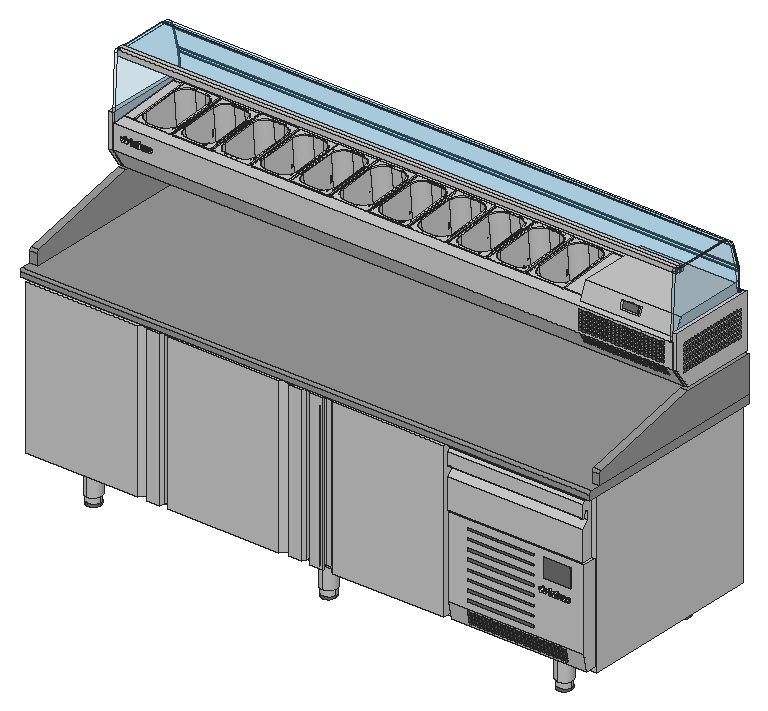
Revit family "QF_INFRICO_MP2300_VIP2300B14_G_250813011618", category Specialty Equipment, Revit 2021
Family settings
  Round Connector Dimension = Use Diameter
  Part Type = Normal
  OmniClass Number = 23.40.40.14
  OmniClass Title = Food Service Equipment
  Work Plane-Based = No
  Always vertical = Yes
  Cut with Voids When Loaded = No
  Shared = No
  Room Calculation Point = No
Parameters (values of type "MP2300-R290")
  Weight [instance] = 0.00 kg
  Waste Water Discharge Temperature [instance] = 0 °C
  Waste Remarks [instance] = ""
  Warranty Start Date [instance] = ""
  Warranty Duration [instance] = ""
  Volts_VIP2300B14_G [instance] = 230 V
  Volts [instance] = 230 V
  Volt Free Conn_VIP2300B14_G [instance] = yes
  Volt Free Conn [instance] = no
  URL Recommended Spares List [instance] = ""
  URL Manufacturer [instance] = ""
  URL Cutsheet [instance] = ""
  URL Critical Spares List [instance] = ""
  URL = "www.infrico.com"
  Technical Documentation [instance] = ""
  Tag Number [instance] = ""
  Status [instance] = ""
  Start Up Current_VIP2300B14_G [instance] = 0 A
  Start Up Current [instance] = 0 A
  Specification by User [instance] = ""
  Specification by Manufacturer [instance] = ""
  Sound Level [instance] = ""
  Show Logo [instance] = yes
  Show Clearances [instance] = yes
  Service Life Duration [instance] = ""
  Serial Number [instance] = ""
  Seismic Rating [instance] = ""
  SMACNA No [instance] = ""
  Revision Code [instance] = ""
  Revision [instance] = ""
  Production Year [instance] = ""
  Potential Equalisation_VIP2300B14_G [instance] = yes
  Potential Equalisation [instance] = no
  Point Load [instance] = 0
  Plumbing Connection Type [instance] = ""
  Phase_VIP2300B14_G [instance] = 1
  Phase [instance] = 1
  Other Equipment Approvals [instance] = ""
  Operational Current_VIP2300B14_G [instance] = 0 A
  Operational Current [instance] = 0 A
  Number of Poles_VIP2300B14_G [instance] = 2
  Number of Poles [instance] = 2
  No Load Power Draw_VIP2300B14_G [instance] = yes
  No Load Power Draw [instance] = no
  NAFEM Spec ID Number [instance] = ""
  Model Warning [instance] = ""
  Model = "MP2300"
  Min Ckt Ampacity_VIP2300B14_G [instance] = 0 A
  Min Ckt Ampacity [instance] = 0 A
  Max Overcurrent Protection_VIP2300B14_G [instance] = 0 A
  Max Overcurrent Protection [instance] = 0 A
  Masterspec [instance] = ""
  Manufacturer = "INFRICO"
  Main switch integrated_VIP2300B14_G [instance] = yes
  Main switch integrated [instance] = no
  Length Actual [instance] = 2305.05 mm
  Item Number [instance] = ""
  Installed By [instance] = ""
  Installation Date [instance] = ""
  Indirect Waste Size [instance] = 19.05 mm
  Indirect Waste Remarks [instance] = ""
  Indirect Waste Flow [instance] = 0.0 L/s
  Indirect Waste Connection Type [instance] = ""
  Indirect Waste Connection Height [instance] = 0 mm
  Identify Quantity as Lot [instance] = no
  ID [instance] = ""
  Hygiene Approval [instance] = ""
  Height Actual [instance] = 979.932 mm
  HP power_VIP2300B14_G [instance] = ""
  HP power [instance] = ""
  Furnished By [instance] = ""
  Foodservice Equipment Identifier [instance] = no
  FL Amps_VIP2300B14_G [instance] = 0 A
  FL Amps [instance] = 0 A
  Electrical Remarks_VIP2300B14_G [instance] = ""
  Electrical Remarks [instance] = ""
  Electric power_VIP2300B14_G [instance] = 120 W
  Electric power [instance] = 550 W
  Electric Connection Type_VIP2300B14_G [instance] = ""
  Electric Connection Type [instance] = ""
  Elec Conn RI Height_VIP2300B14_G [instance] = 0 mm
  Elec Conn RI Height [instance] = 0 mm
  Elec Conn Connection Height_VIP2300B14_G [instance] = 0 mm
  Elec Conn Connection Height [instance] = 0 mm
  ETL Approved [instance] = no
  Direct Waste Water Discharge Temperature [instance] = -273.15 °C
  Direct Waste Size [instance] = 19.05 mm
  Direct Waste RI Height [instance] = 0 mm
  Direct Waste Flow [instance] = 0.0 L/s
  Direct Waste Connection Height [instance] = 0 mm
  Description = "PIZZA PREP TABLE 800 SERIES - R290"
  Depth Actual [instance] = 800.1 mm
  Default Elevation = 0 mm
  Cycle_VIP2300B14_G [instance] = 50 Hz
  Cycle [instance] = 50 Hz
  Cost = 0
  Connection to energy optimisation system_VIP2300B14_G [instance] = yes
  Connection to energy optimisation system [instance] = yes
  Conn Plug_VIP2300B14_G [instance] = ""
  Conn Plug [instance] = ""
  Conn Conduit_VIP2300B14_G [instance] = yes
  Conn Conduit [instance] = no
  Centralized building control system with digital interface_VIP2300B14_G [instance] = ""
  Centralized building control system with digital interface [instance] = ""
  CSI MasterFormat [instance] = ""
  CE Approved [instance] = no
  Barcode [instance] = 0
  Author [instance] = ""
  Asset Identifier [instance] = ""
  Apparent Power_VIP2300B14_G [instance] = 120 VA
  Apparent Power [instance] = 550 VA
  Accessory [instance] = no
Reference planes
  plane 1 "Center (Front/Back)": y = 0
  plane 2: z = 0
  plane 3 "Center (Left/Right)": x = 0
Forms (mm)
  Extrusion 1, solid, not visible
    sketch origin (1605.078, -350.017, 142.007) x (1, 0, 0) y (0, 1, 0)
      loop
        line (-2, 2) -> (-2, -2) -> (2, -2) -> (2, 2) -> (-2, 2)
    from -2 to 2
  Extrusion 2, solid, not visible
    sketch origin (2208.108, -73.004, 142.007) x (1, 0, 0) y (0, 1, 0)
      loop
        line (-2, 2) -> (-2, -2) -> (2, -2) -> (2, 2) -> (-2, 2)
    from -2 to 2
  Extrusion 3, solid, not visible
    sketch origin (62.003, -2, 1080.053) x (1, 0, 0) y (0, 1, 0)
      loop
        line (-2, 2) -> (-2, -2) -> (2, -2) -> (2, 2) -> (-2, 2)
    from -2 to 2
Dimensions and locks
  locked: nested 2 to Extrusion 1 at 2  (x2)
  locked: nested 3 to Extrusion 2 at 2  (x2)
  locked: Extrusion 3 to nested 8
  locked: nested 8 to Extrusion 3 at 2
  aligned and locked: level to plane 2
Nested families
  nested 1: "QF_INFRICO_MP2300_2920" at (0, 0, 140), type "MP2300-R290"
    with Weight 0.00 kg, Warranty Start Date "", Warranty Duration "", URL Cutsheet "", Technical Documentation "", Tag Number "", Status "", Specification by User "", Specification by Manufacturer "", Sound Level "", Solid Fuel Type "", Show Logo yes, Show Clearances yes, Show Clearance yes, Service Life Duration "", Serial Number "", Seismic Rating "", SMACNA No "", Revision Code "", Revision "", Production Year "", Point Load 0, Other Equipment Approvals "", NAFEM Spec ID Number "", Model Warning "", Masterspec "", Length Actual 2305.05 mm, Item Number "", Installed By "", Installation Date "", Identify Quantity as Lot yes, ID "", Hygiene Approval "", Height Actual 979.932 mm, Furnished By "", Foodservice Equipment Identifier yes, ETL Approved yes, Depth Actual 800.1 mm, CSI MasterFormat "", CE Approved no, Barcode "", Author "", Asset Identifier "", Accessory no
  nested 2: "CONN_POINT_DRAIN_2D___Generic_Annotation" at (1605.078, -350.017, 140.007), type "CONN_POINT_DRAIN_2D___Generic_Annotation"
    with Onboard connection annotation symbol visibility yes
  nested 3: "CONN_POINT_ELE_2D___Generic_Annotation" at (2208.108, -73.004, 140.007), type "CONN_POINT_ELE_2D___Generic_Annotation"
    with Onboard connection annotation symbol visibility yes
  nested 4: "QF_INFRICO_MP_DOOR_SX_4886" at (22, -738, 168), type "MP_DOOR_SX"
    with Weight 0.00 kg, Warranty Start Date "", Warranty Duration "", URL Cutsheet "", Technical Documentation "", Tag Number "", Status "", Specification by User "", Specification by Manufacturer "", Sound Level "", Solid Fuel Type "", Show Logo yes, Show Clearances yes, Show Clearance yes, Service Life Duration "", Serial Number "", Seismic Rating "", SMACNA No "", Revision Code "", Revision "", Production Year "", Point Load 0, Other Equipment Approvals "", NAFEM Spec ID Number "", Model Warning "", Masterspec "", Length Actual 547.116 mm, Item Number "", Installed By "", Installation Date "", Identify Quantity as Lot yes, ID "", Hygiene Approval "", Height Actual 620.014 mm, Furnished By "", Foodservice Equipment Identifier yes, ETL Approved yes, Depth Actual 59.944 mm, CSI MasterFormat "", CE Approved no, Barcode "", Author "", Asset Identifier "", Accessory yes
  nested 5: "QF_INFRICO_MP_DOOR_SX_5664" at (594, -738, 168), type "MP_DOOR_SX"
    with Weight 0.00 kg, Warranty Start Date "", Warranty Duration "", URL Cutsheet "", Technical Documentation "", Tag Number "", Status "", Specification by User "", Specification by Manufacturer "", Sound Level "", Solid Fuel Type "", Show Logo yes, Show Clearances yes, Show Clearance yes, Service Life Duration "", Serial Number "", Seismic Rating "", SMACNA No "", Revision Code "", Revision "", Production Year "", Point Load 0, Other Equipment Approvals "", NAFEM Spec ID Number "", Model Warning "", Masterspec "", Length Actual 547.116 mm, Item Number "", Installed By "", Installation Date "", Identify Quantity as Lot yes, ID "", Hygiene Approval "", Height Actual 620.014 mm, Furnished By "", Foodservice Equipment Identifier yes, ETL Approved yes, Depth Actual 59.944 mm, CSI MasterFormat "", CE Approved no, Barcode "", Author "", Asset Identifier "", Accessory yes
  nested 6: "QF_INFRICO_MP_DOOR_DX_6438" at (1166, -738, 168), type "MP_DOOR_DX"
    with Weight 0.00 kg, Warranty Start Date "", Warranty Duration "", URL Cutsheet "", Technical Documentation "", Tag Number "", Status "", Specification by User "", Specification by Manufacturer "", Sound Level "", Solid Fuel Type "", Show Logo yes, Show Clearances yes, Show Clearance yes, Service Life Duration "", Serial Number "", Seismic Rating "", SMACNA No "", Revision Code "", Revision "", Production Year "", Point Load 0, Other Equipment Approvals "", NAFEM Spec ID Number "", Model Warning "", Masterspec "", Length Actual 547.116 mm, Item Number "", Installed By "", Installation Date "", Identify Quantity as Lot yes, ID "", Hygiene Approval "", Height Actual 620.014 mm, Furnished By "", Foodservice Equipment Identifier yes, ETL Approved yes, Depth Actual 59.944 mm, CSI MasterFormat "", CE Approved no, Barcode "", Author "", Asset Identifier "", Accessory yes
  nested 7: "QF_INFRICO_VIP2300B14_G_7212" at (0, 0, 980), type "VIP2300B14_G"
    with Weight 0.00 kg, Warranty Start Date "", Warranty Duration "", URL Cutsheet "", Technical Documentation "", Tag Number "", Status "", Specification by User "", Specification by Manufacturer "", Sound Level "", Solid Fuel Type "", Show Logo yes, Show Clearances yes, Show Clearance yes, Service Life Duration "", Serial Number "", Seismic Rating "", SMACNA No "", Revision Code "", Revision "", Production Year "", Point Load 0, Other Equipment Approvals "", NAFEM Spec ID Number "", Model Warning "", Masterspec "", Length Actual 2299.97 mm, Item Number "", Installed By "", Installation Date "", Identify Quantity as Lot yes, ID "", Hygiene Approval "", Height Actual 450.088 mm, Furnished By "", Foodservice Equipment Identifier yes, ETL Approved yes, Depth Actual 353.06 mm, CSI MasterFormat "", CE Approved no, Barcode "", Author "", Asset Identifier "", Accessory yes
  nested 8: "CONN_POINT_ELE_2D___Generic_Annotation" at (62.003, 0, 1080.053), type "CONN_POINT_ELE_2D___Generic_Annotation"
    with Onboard connection annotation symbol visibility yes
  nested 9: "QF_INFRICO_LEGS_10730" at (0, 0, 0), type "LEGS_2300_800"
    with Weight 0.00 kg, Warranty Start Date "", Warranty Duration "", URL Cutsheet "", Technical Documentation "", Tag Number "", Status "", Specification by User "", Specification by Manufacturer "", Sound Level "", Solid Fuel Type "", Show Logo yes, Show Clearances yes, Show Clearance yes, Service Life Duration "", Serial Number "", Seismic Rating "", SMACNA No "", Revision Code "", Revision "", Production Year "", Point Load 0, Other Equipment Approvals "", NAFEM Spec ID Number "", Model Warning "", Masterspec "", Length Actual 2305.05 mm, Item Number "", Installed By "", Installation Date "", Identify Quantity as Lot yes, ID "", Hygiene Approval "", Height Actual 139.954 mm, Furnished By "", Foodservice Equipment Identifier yes, ETL Approved yes, Depth Actual 800.1 mm, CSI MasterFormat "", CE Approved no, Barcode "", Author "", Asset Identifier "", Accessory yes
Connectors
  piping at (1605.078, -350.017, 140.007), diameter 19.05, driven by "Indirect Waste Size", driven by "Direct Waste Flow"
    settings: on Extrusion 1, index 1, connector inside diameter 609.6 mm, connector length 0 mm, flow factor 0, pipe flow 0.0 L/s, pressure drop 0.0 Pa, fitting loss kfactor 0, connector angle 0.00°, fixture units 0, engagement length 0 mm, angle of deflection 0.00°, flow configuration 1, flow direction 2, fitting loss method 0, system type 16, joint type 0, gender type 0, connector reference index -1, connector utility 0, adjustable connector no, is connector primary yes, connector description "Waste connection for MP2300"
  electrical at (2208.108, -73.004, 140.007), driven by "Apparent Power", driven by "Number of Poles", driven by "Volts"
    settings: on Extrusion 2, index 2, voltage 230 V, apparent load 0 VA, apparent load phase1 550 VA, apparent load phase2 0 VA, apparent load phase3 0 VA, power factor 1, load classification "Other", number of poles 2, system type 31, power factor state 1, is connector primary yes, connector utility no, sub classification motor no, connector description "Electrical connection for MP2300"
  electrical at (62.003, 0, 1080.053), driven by "Apparent Power_VIP2300B14_G", driven by "Number of Poles_VIP2300B14_G", driven by "Volts_VIP2300B14_G"
    settings: on Extrusion 3, index 3, voltage 230 V, apparent load 0 VA, apparent load phase1 120 VA, apparent load phase2 0 VA, apparent load phase3 0 VA, power factor 1, load classification "Other", number of poles 2, system type 31, power factor state 1, is connector primary no, connector utility no, sub classification motor no, connector description "Electrical connection for VIP2300B14_G"
Definition of nested family "QF_INFRICO_MP2300_2920"
  Parameters (values of type "MP2300")
    Weight [instance] = 0.00 kg
    Warranty Start Date [instance] = ""
    Warranty Duration [instance] = ""
    URL Cutsheet [instance] = ""
    URL = "www.infrico.com"
    Technical Documentation [instance] = ""
    Tag Number [instance] = ""
    Status [instance] = ""
    Specification by User [instance] = ""
    Specification by Manufacturer [instance] = ""
    Sound Level [instance] = ""
    Solid Fuel Type [instance] = ""
    Show Logo [instance] = yes
    Show Clearances [instance] = yes
    Show Clearance [instance] = yes
    Service Life Duration [instance] = ""
    Serial Number [instance] = ""
    Seismic Rating [instance] = ""
    SMACNA No [instance] = ""
    Revision Code [instance] = ""
    Revision [instance] = ""
    Production Year [instance] = ""
    Point Load [instance] = 0
    Other Equipment Approvals [instance] = ""
    NAFEM Spec ID Number [instance] = ""
    Model Warning [instance] = ""
    Model = "MP2300"
    Masterspec [instance] = ""
    Manufacturer = "INFRICO"
    Length Actual [instance] = 0 mm
    Item Number [instance] = ""
    Installed By [instance] = ""
    Installation Date [instance] = ""
    Identify Quantity as Lot [instance] = yes
    ID [instance] = ""
    Hygiene Approval [instance] = ""
    Height Actual [instance] = 0 mm
    Furnished By [instance] = ""
    Foodservice Equipment Identifier [instance] = yes
    ETL Approved [instance] = yes
    Description = "PIZZA PREP TABLE 800 SERIES - R134A"
    Depth Actual [instance] = 0 mm
    Default Elevation = 0 mm
    CSI MasterFormat [instance] = ""
    CE Approved [instance] = yes
    Barcode [instance] = ""
    Author [instance] = ""
    Asset Identifier [instance] = ""
    Assembly Code = "E1090320"
    Accessory [instance] = yes
  Types (4, lengths in mm): name | Model | Description
    MP2300 | "MP2300" | "PIZZA PREP TABLE 800 SERIES - R134A"
    MP2300-R290 | "MP2300" | "PIZZA PREP TABLE 800 SERIES - R290"
    MP2300CN | "MP2300CN" | "PIZZA PREP TABLE 800 SERIES - R134A"
    MP2300CN-R290 | "MP2300CN" | "PIZZA PREP TABLE 800 SERIES - R290"
  Reference planes
    plane 1 "Back": y = 0
    plane 2: z = 0
    plane 3 "Left": x = 0
    plane 4 "Right": x = 2305
    plane 5 "Front": y = -800
    plane 6 "Top": z = 690
  Forms (mm)
    Extrusion 1, solid
      sketch origin (0, -945.468, 0) x (1, 0, 0) y (0, 0, 1)
        loop
          line (23.98, 660) -> (23.98, 0) -> (2281, 0) -> (2281, 660) -> (23.98, 660)
      from -945.468 to -207.468
    Extrusion 2, solid
      sketch origin (0, -945.468, -0.92) x (0, 1, 0) y (0, 0, 1)
        loop
          line (945.468, 690.92) -> (155.468, 690.92)
          arc (155.468, 690.92) -> (148.397, 687.991) -> (145.468, 680.92) r 10
          line (145.468, 680.92) -> (145.468, 660.92) -> (945.468, 660.92) -> (945.468, 690.92)
      from 0 to 2305
    Extrusion 3, solid
      sketch origin (0, -945.468, 0) x (0, 1, 0) y (0, 0, 1)
        loop
          line (195.468, 732.805) -> (195.468, 690) -> (945.468, 690) -> (945.468, 840) -> (641.286, 840) -> (203.296, 742.567)
          arc (203.296, 742.567) -> (197.666, 739.062) -> (195.468, 732.805) r 10
      from 0 to 30
    Extrusion 4, solid
      sketch origin (2275, -945.468, 0) x (0, 1, 0) y (0, 0, 1)
        loop
          line (195.468, 732.805) -> (195.468, 690) -> (945.468, 690) -> (945.468, 840) -> (641.286, 840) -> (203.296, 742.567)
          arc (203.296, 742.567) -> (197.666, 739.062) -> (195.468, 732.805) r 10
      from 0 to 30
    Extrusion 5, solid
      sketch origin (0, -945.448, 0) x (0, 1, 0) y (0, 0, 1)
        loop
          line (207.448, 659.31) -> (159.638, 659.31) -> (159.638, 646.31) -> (207.448, 646.31) -> (207.448, 659.31)
      from 25.595 to 2279.615
    Extrusion 6, solid
      sketch origin (0, -945.468, 0) x (0, 1, 0) y (0, 0, 1)
        loop
          line (915.468, 690) -> (945.468, 690) -> (945.468, 840) -> (915.468, 840) -> (915.468, 690)
      from 30 to 2275
    Extrusion 7, solid
      sketch origin (-1433.4, -1943.425, 0) x (0, 1, 0) y (0, 0, 1)
        loop
          line (1165.522, 19.5) -> (1205.425, 19.5) -> (1205.425, 411.638) -> (1150.415, 411.638) -> (1150.415, 85.028) -> (1165.522, 19.5)
      from 3160.42 to 3707.42
    Extrusion 8, solid
      sketch origin (-1433, -1943.425, 0) x (0, 1, 0) y (0, 0, 1)
        loop
          line (1150.415, 385.1) -> (1148.415, 385.1) -> (1148.415, 310.1) -> (1150.415, 310.1) -> (1150.415, 385.1)
      from 3545.892 to 3655.892
    Extrusion 9, solid
      sketch origin (-3239.998, -791.13, -529.942) x (1, 0, 0) y (0, 0, 1)
        loop
          line (5309.954, 912.391) -> (5043.954, 912.391) -> (5043.954, 903.391) -> (5309.954, 903.391) -> (5309.954, 912.391)
        loop
          line (5309.954, 875.391) -> (5043.954, 875.391) -> (5043.954, 866.391) -> (5309.954, 866.391) -> (5309.954, 875.391)
        loop
          line (5309.954, 838.391) -> (5043.954, 838.391) -> (5043.954, 829.391) -> (5309.954, 829.391) -> (5309.954, 838.391)
        loop
          line (5309.954, 801.391) -> (5043.954, 801.391) -> (5043.954, 792.391) -> (5309.954, 792.391) -> (5309.954, 801.391)
        loop
          line (5309.954, 764.391) -> (5043.954, 764.391) -> (5043.954, 755.391) -> (5309.954, 755.391) -> (5309.954, 764.391)
        loop
          line (5309.954, 727.391) -> (5043.954, 727.391) -> (5043.954, 718.391) -> (5309.954, 718.391) -> (5309.954, 727.391)
        loop
          line (5309.954, 690.391) -> (5043.954, 690.391) -> (5043.954, 681.391) -> (5309.954, 681.391) -> (5309.954, 690.391)
        loop
          line (5309.954, 653.391) -> (5043.954, 653.391) -> (5043.954, 644.391) -> (5309.954, 644.391) -> (5309.954, 653.391)
      from 0 to 2
    Extrusion 10, solid
      sketch origin (-1234.775, -737.704, -146.289) x (1, 0, 0) y (0, -0.224951, 0.97437)
        loop
          line (3036.73, 230.769) -> (3036.73, 220.769) -> (3046.73, 220.769) -> (3046.73, 230.769) -> (3036.73, 230.769)
        loop
          line (3052.23, 230.769) -> (3052.23, 220.769) -> (3062.23, 220.769) -> (3062.23, 230.769) -> (3052.23, 230.769)
        loop
          line (3067.73, 230.769) -> (3067.73, 220.769) -> (3077.73, 220.769) -> (3077.73, 230.769) -> (3067.73, 230.769)
        loop
          line (3083.23, 230.769) -> (3083.23, 220.769) -> (3093.23, 220.769) -> (3093.23, 230.769) -> (3083.23, 230.769)
        loop
          line (3098.73, 230.769) -> (3098.73, 220.769) -> (3108.73, 220.769) -> (3108.73, 230.769) -> (3098.73, 230.769)
        loop
          line (3114.23, 230.769) -> (3114.23, 220.769) -> (3124.23, 220.769) -> (3124.23, 230.769) -> (3114.23, 230.769)
        loop
          line (3129.73, 230.769) -> (3129.73, 220.769) -> (3139.73, 220.769) -> (3139.73, 230.769) -> (3129.73, 230.769)
        loop
          line (3145.23, 230.769) -> (3145.23, 220.769) -> (3155.23, 220.769) -> (3155.23, 230.769) -> (3145.23, 230.769)
        loop
          line (3160.73, 230.769) -> (3160.73, 220.769) -> (3170.73, 220.769) -> (3170.73, 230.769) -> (3160.73, 230.769)
        loop
          line (3176.23, 230.769) -> (3176.23, 220.769) -> (3186.23, 220.769) -> (3186.23, 230.769) -> (3176.23, 230.769)
        loop
          line (3191.73, 230.769) -> (3191.73, 220.769) -> (3201.73, 220.769) -> (3201.73, 230.769) -> (3191.73, 230.769)
        loop
          line (3207.23, 230.769) -> (3207.23, 220.769) -> (3217.23, 220.769) -> (3217.23, 230.769) -> (3207.23, 230.769)
        loop
          line (3222.73, 230.769) -> (3222.73, 220.769) -> (3232.73, 220.769) -> (3232.73, 230.769) -> (3222.73, 230.769)
        loop
          line (3238.23, 230.769) -> (3238.23, 220.769) -> (3248.23, 220.769) -> (3248.23, 230.769) -> (3238.23, 230.769)
        loop
          line (3253.73, 230.769) -> (3253.73, 220.769) -> (3263.73, 220.769) -> (3263.73, 230.769) -> (3253.73, 230.769)
        loop
          line (3269.23, 230.769) -> (3269.23, 220.769) -> (3279.23, 220.769) -> (3279.23, 230.769) -> (3269.23, 230.769)
        loop
          line (3284.73, 230.769) -> (3284.73, 220.769) -> (3294.73, 220.769) -> (3294.73, 230.769) -> (3284.73, 230.769)
        loop
          line (3300.23, 230.769) -> (3300.23, 220.769) -> (3310.23, 220.769) -> (3310.23, 230.769) -> (3300.23, 230.769)
        loop
          line (3315.73, 230.769) -> (3315.73, 220.769) -> (3325.73, 220.769) -> (3325.73, 230.769) -> (3315.73, 230.769)
        loop
          line (3331.23, 230.769) -> (3331.23, 220.769) -> (3341.23, 220.769) -> (3341.23, 230.769) -> (3331.23, 230.769)
        loop
          line (3346.73, 230.769) -> (3346.73, 220.769) -> (3356.73, 220.769) -> (3356.73, 230.769) -> (3346.73, 230.769)
        loop
          line (3362.23, 230.769) -> (3362.23, 220.769) -> (3372.23, 220.769) -> (3372.23, 230.769) -> (3362.23, 230.769)
        loop
          line (3377.73, 230.769) -> (3377.73, 220.769) -> (3387.73, 220.769) -> (3387.73, 230.769) -> (3377.73, 230.769)
        loop
          line (3393.23, 230.769) -> (3393.23, 220.769) -> (3403.23, 220.769) -> (3403.23, 230.769) -> (3393.23, 230.769)
        loop
          line (3408.73, 230.769) -> (3408.73, 220.769) -> (3418.73, 220.769) -> (3418.73, 230.769) -> (3408.73, 230.769)
        loop
          line (3424.23, 230.769) -> (3424.23, 220.769) -> (3434.23, 220.769) -> (3434.23, 230.769) -> (3424.23, 230.769)
        loop
          line (3036.73, 216.769) -> (3036.73, 206.769) -> (3046.73, 206.769) -> (3046.73, 216.769) -> (3036.73, 216.769)
        loop
          line (3052.23, 216.769) -> (3052.23, 206.769) -> (3062.23, 206.769) -> (3062.23, 216.769) -> (3052.23, 216.769)
        loop
          line (3067.73, 216.769) -> (3067.73, 206.769) -> (3077.73, 206.769) -> (3077.73, 216.769) -> (3067.73, 216.769)
        loop
          line (3083.23, 216.769) -> (3083.23, 206.769) -> (3093.23, 206.769) -> (3093.23, 216.769) -> (3083.23, 216.769)
        loop
          line (3098.73, 216.769) -> (3098.73, 206.769) -> (3108.73, 206.769) -> (3108.73, 216.769) -> (3098.73, 216.769)
        loop
          line (3114.23, 216.769) -> (3114.23, 206.769) -> (3124.23, 206.769) -> (3124.23, 216.769) -> (3114.23, 216.769)
        loop
          line (3129.73, 216.769) -> (3129.73, 206.769) -> (3139.73, 206.769) -> (3139.73, 216.769) -> (3129.73, 216.769)
        loop
          line (3145.23, 216.769) -> (3145.23, 206.769) -> (3155.23, 206.769) -> (3155.23, 216.769) -> (3145.23, 216.769)
        loop
          line (3160.73, 216.769) -> (3160.73, 206.769) -> (3170.73, 206.769) -> (3170.73, 216.769) -> (3160.73, 216.769)
        loop
          line (3176.23, 216.769) -> (3176.23, 206.769) -> (3186.23, 206.769) -> (3186.23, 216.769) -> (3176.23, 216.769)
        loop
          line (3191.73, 216.769) -> (3191.73, 206.769) -> (3201.73, 206.769) -> (3201.73, 216.769) -> (3191.73, 216.769)
        loop
          line (3207.23, 216.769) -> (3207.23, 206.769) -> (3217.23, 206.769) -> (3217.23, 216.769) -> (3207.23, 216.769)
        loop
          line (3222.73, 216.769) -> (3222.73, 206.769) -> (3232.73, 206.769) -> (3232.73, 216.769) -> (3222.73, 216.769)
        loop
          line (3238.23, 216.769) -> (3238.23, 206.769) -> (3248.23, 206.769) -> (3248.23, 216.769) -> (3238.23, 216.769)
        loop
          line (3253.73, 216.769) -> (3253.73, 206.769) -> (3263.73, 206.769) -> (3263.73, 216.769) -> (3253.73, 216.769)
        loop
          line (3269.23, 216.769) -> (3269.23, 206.769) -> (3279.23, 206.769) -> (3279.23, 216.769) -> (3269.23, 216.769)
        loop
          line (3284.73, 216.769) -> (3284.73, 206.769) -> (3294.73, 206.769) -> (3294.73, 216.769) -> (3284.73, 216.769)
        loop
          line (3300.23, 216.769) -> (3300.23, 206.769) -> (3310.23, 206.769) -> (3310.23, 216.769) -> (3300.23, 216.769)
        loop
          line (3315.73, 216.769) -> (3315.73, 206.769) -> (3325.73, 206.769) -> (3325.73, 216.769) -> (3315.73, 216.769)
        loop
          line (3331.23, 216.769) -> (3331.23, 206.769) -> (3341.23, 206.769) -> (3341.23, 216.769) -> (3331.23, 216.769)
        loop
          line (3346.73, 216.769) -> (3346.73, 206.769) -> (3356.73, 206.769) -> (3356.73, 216.769) -> (3346.73, 216.769)
        loop
          line (3362.23, 216.769) -> (3362.23, 206.769) -> (3372.23, 206.769) -> (3372.23, 216.769) -> (3362.23, 216.769)
        loop
          line (3377.73, 216.769) -> (3377.73, 206.769) -> (3387.73, 206.769) -> (3387.73, 216.769) -> (3377.73, 216.769)
        loop
          line (3393.23, 216.769) -> (3393.23, 206.769) -> (3403.23, 206.769) -> (3403.23, 216.769) -> (3393.23, 216.769)
        loop
          line (3408.73, 216.769) -> (3408.73, 206.769) -> (3418.73, 206.769) -> (3418.73, 216.769) -> (3408.73, 216.769)
        loop
          line (3424.23, 216.769) -> (3424.23, 206.769) -> (3434.23, 206.769) -> (3434.23, 216.769) -> (3424.23, 216.769)
        loop
          line (3036.73, 202.769) -> (3036.73, 192.769) -> (3046.73, 192.769) -> (3046.73, 202.769) -> (3036.73, 202.769)
        loop
          line (3052.23, 202.769) -> (3052.23, 192.769) -> (3062.23, 192.769) -> (3062.23, 202.769) -> (3052.23, 202.769)
        loop
          line (3067.73, 202.769) -> (3067.73, 192.769) -> (3077.73, 192.769) -> (3077.73, 202.769) -> (3067.73, 202.769)
        loop
          line (3083.23, 202.769) -> (3083.23, 192.769) -> (3093.23, 192.769) -> (3093.23, 202.769) -> (3083.23, 202.769)
        loop
          line (3098.73, 202.769) -> (3098.73, 192.769) -> (3108.73, 192.769) -> (3108.73, 202.769) -> (3098.73, 202.769)
        loop
          line (3114.23, 202.769) -> (3114.23, 192.769) -> (3124.23, 192.769) -> (3124.23, 202.769) -> (3114.23, 202.769)
        loop
          line (3129.73, 202.769) -> (3129.73, 192.769) -> (3139.73, 192.769) -> (3139.73, 202.769) -> (3129.73, 202.769)
        loop
          line (3145.23, 202.769) -> (3145.23, 192.769) -> (3155.23, 192.769) -> (3155.23, 202.769) -> (3145.23, 202.769)
        loop
          line (3160.73, 202.769) -> (3160.73, 192.769) -> (3170.73, 192.769) -> (3170.73, 202.769) -> (3160.73, 202.769)
        loop
          line (3176.23, 202.769) -> (3176.23, 192.769) -> (3186.23, 192.769) -> (3186.23, 202.769) -> (3176.23, 202.769)
        loop
          line (3191.73, 202.769) -> (3191.73, 192.769) -> (3201.73, 192.769) -> (3201.73, 202.769) -> (3191.73, 202.769)
        loop
          line (3207.23, 202.769) -> (3207.23, 192.769) -> (3217.23, 192.769) -> (3217.23, 202.769) -> (3207.23, 202.769)
        loop
          line (3222.73, 202.769) -> (3222.73, 192.769) -> (3232.73, 192.769) -> (3232.73, 202.769) -> (3222.73, 202.769)
        loop
          line (3238.23, 202.769) -> (3238.23, 192.769) -> (3248.23, 192.769) -> (3248.23, 202.769) -> (3238.23, 202.769)
        loop
          line (3253.73, 202.769) -> (3253.73, 192.769) -> (3263.73, 192.769) -> (3263.73, 202.769) -> (3253.73, 202.769)
        loop
          line (3269.23, 202.769) -> (3269.23, 192.769) -> (3279.23, 192.769) -> (3279.23, 202.769) -> (3269.23, 202.769)
        loop
          line (3284.73, 202.769) -> (3284.73, 192.769) -> (3294.73, 192.769) -> (3294.73, 202.769) -> (3284.73, 202.769)
        loop
          line (3300.23, 202.769) -> (3300.23, 192.769) -> (3310.23, 192.769) -> (3310.23, 202.769) -> (3300.23, 202.769)
        loop
          line (3315.73, 202.769) -> (3315.73, 192.769) -> (3325.73, 192.769) -> (3325.73, 202.769) -> (3315.73, 202.769)
        loop
          line (3331.23, 202.769) -> (3331.23, 192.769) -> (3341.23, 192.769) -> (3341.23, 202.769) -> (3331.23, 202.769)
        loop
          line (3346.73, 202.769) -> (3346.73, 192.769) -> (3356.73, 192.769) -> (3356.73, 202.769) -> (3346.73, 202.769)
        loop
          line (3362.23, 202.769) -> (3362.23, 192.769) -> (3372.23, 192.769) -> (3372.23, 202.769) -> (3362.23, 202.769)
        loop
          line (3377.73, 202.769) -> (3377.73, 192.769) -> (3387.73, 192.769) -> (3387.73, 202.769) -> (3377.73, 202.769)
        loop
          line (3393.23, 202.769) -> (3393.23, 192.769) -> (3403.23, 192.769) -> (3403.23, 202.769) -> (3393.23, 202.769)
        loop
          line (3408.73, 202.769) -> (3408.73, 192.769) -> (3418.73, 192.769) -> (3418.73, 202.769) -> (3408.73, 202.769)
        loop
          line (3424.23, 202.769) -> (3424.23, 192.769) -> (3434.23, 192.769) -> (3434.23, 202.769) -> (3424.23, 202.769)
        loop
          line (3036.73, 188.769) -> (3036.73, 178.769) -> (3046.73, 178.769) -> (3046.73, 188.769) -> (3036.73, 188.769)
        loop
          line (3052.23, 188.769) -> (3052.23, 178.769) -> (3062.23, 178.769) -> (3062.23, 188.769) -> (3052.23, 188.769)
        loop
          line (3067.73, 188.769) -> (3067.73, 178.769) -> (3077.73, 178.769) -> (3077.73, 188.769) -> (3067.73, 188.769)
        loop
          line (3083.23, 188.769) -> (3083.23, 178.769) -> (3093.23, 178.769) -> (3093.23, 188.769) -> (3083.23, 188.769)
        loop
          line (3098.73, 188.769) -> (3098.73, 178.769) -> (3108.73, 178.769) -> (3108.73, 188.769) -> (3098.73, 188.769)
        loop
          line (3114.23, 188.769) -> (3114.23, 178.769) -> (3124.23, 178.769) -> (3124.23, 188.769) -> (3114.23, 188.769)
        loop
          line (3129.73, 188.769) -> (3129.73, 178.769) -> (3139.73, 178.769) -> (3139.73, 188.769) -> (3129.73, 188.769)
        loop
          line (3145.23, 188.769) -> (3145.23, 178.769) -> (3155.23, 178.769) -> (3155.23, 188.769) -> (3145.23, 188.769)
        loop
          line (3160.73, 188.769) -> (3160.73, 178.769) -> (3170.73, 178.769) -> (3170.73, 188.769) -> (3160.73, 188.769)
        loop
          line (3176.23, 188.769) -> (3176.23, 178.769) -> (3186.23, 178.769) -> (3186.23, 188.769) -> (3176.23, 188.769)
        loop
          line (3191.73, 188.769) -> (3191.73, 178.769) -> (3201.73, 178.769) -> (3201.73, 188.769) -> (3191.73, 188.769)
        loop
          line (3207.23, 188.769) -> (3207.23, 178.769) -> (3217.23, 178.769) -> (3217.23, 188.769) -> (3207.23, 188.769)
        loop
          line (3222.73, 188.769) -> (3222.73, 178.769) -> (3232.73, 178.769) -> (3232.73, 188.769) -> (3222.73, 188.769)
        loop
          line (3238.23, 188.769) -> (3238.23, 178.769) -> (3248.23, 178.769) -> (3248.23, 188.769) -> (3238.23, 188.769)
        loop
          line (3253.73, 188.769) -> (3253.73, 178.769) -> (3263.73, 178.769) -> (3263.73, 188.769) -> (3253.73, 188.769)
        loop
          line (3269.23, 188.769) -> (3269.23, 178.769) -> (3279.23, 178.769) -> (3279.23, 188.769) -> (3269.23, 188.769)
        loop
          line (3284.73, 188.769) -> (3284.73, 178.769) -> (3294.73, 178.769) -> (3294.73, 188.769) -> (3284.73, 188.769)
        loop
          line (3300.23, 188.769) -> (3300.23, 178.769) -> (3310.23, 178.769) -> (3310.23, 188.769) -> (3300.23, 188.769)
        loop
          line (3315.73, 188.769) -> (3315.73, 178.769) -> (3325.73, 178.769) -> (3325.73, 188.769) -> (3315.73, 188.769)
        loop
          line (3331.23, 188.769) -> (3331.23, 178.769) -> (3341.23, 178.769) -> (3341.23, 188.769) -> (3331.23, 188.769)
        loop
          line (3346.73, 188.769) -> (3346.73, 178.769) -> (3356.73, 178.769) -> (3356.73, 188.769) -> (3346.73, 188.769)
        loop
          line (3362.23, 188.769) -> (3362.23, 178.769) -> (3372.23, 178.769) -> (3372.23, 188.769) -> (3362.23, 188.769)
        loop
          line (3377.73, 188.769) -> (3377.73, 178.769) -> (3387.73, 178.769) -> (3387.73, 188.769) -> (3377.73, 188.769)
        loop
          line (3393.23, 188.769) -> (3393.23, 178.769) -> (3403.23, 178.769) -> (3403.23, 188.769) -> (3393.23, 188.769)
        loop
          line (3408.73, 188.769) -> (3408.73, 178.769) -> (3418.73, 178.769) -> (3418.73, 188.769) -> (3408.73, 188.769)
        loop
          line (3424.23, 188.769) -> (3424.23, 178.769) -> (3434.23, 178.769) -> (3434.23, 188.769) -> (3424.23, 188.769)
      from 0 to 2
    Extrusion 11, solid
      sketch origin (-1433.4, -2000, 0) x (0, 1, 0) y (0, 0, 1)
        loop
          line (1203.152, 630.936) -> (1203.152, 580.536)
          arc (1203.152, 580.536) -> (1204.842, 578.739) -> (1206.738, 580.317) r 1.8
          line (1206.738, 580.317) -> (1210.228, 608.736) -> (1214.927, 608.736) -> (1229.152, 594.511) -> (1229.152, 566.127) -> (1203.342, 540.317) -> (1203.342, 423.215) -> (1241.352, 423.215) -> (1241.352, 640.936) -> (1213.152, 640.936) -> (1203.152, 630.936)
      from 3160.4 to 3707.42
    Extrusion 12, solid
      sketch origin (567, 0, 0) x (1, 0, 0) y (0, 0, 1)
        loop
          line (1175, 625.936) -> (1175, 438.215) -> (1692.02, 438.215) -> (1692.02, 625.936) -> (1175, 625.936)
        loop
          line (1677.02, 610.936) -> (1190, 610.936) -> (1190, 453.215) -> (1677.02, 453.215) -> (1677.02, 610.936)
      from 738 to 758.648
    Extrusion 13, solid
      sketch origin (567, 0, -10) x (1, 0, 0) y (0, 1, 0)
        loop
          circle (1641, -73) r 12.7
      from 0 to 10
    Extrusion 14, solid
      sketch origin (0, 0, 0) x (1, 0, 0) y (0, 1, 0)
        loop
          circle (1605, -350) r 9.525
      from -10 to 0
    Extrusion 15, solid, visible <- "Show Logo"
      sketch origin (930.28, -793.01, -442.104) x (1, 0, 0) y (0, 0, 1)
        loop
          line (1208.799, 696.53) -> (1208.799, 719.204) -> (1204.173, 719.204) -> (1204.173, 696.53) -> (1208.799, 696.53)
        loop
          line (1214.779, 713.006) -> (1211.283, 713.006) -> (1211.283, 696.53) -> (1215.772, 696.53) -> (1215.772, 707.832)
          arc (1215.772, 707.832) -> (1217.528, 708.741) -> (1219.417, 709.324) r 11.052
          arc (1219.417, 709.324) -> (1220.929, 708.961) -> (1221.598, 707.557) r 1.806
          line (1221.598, 707.557) -> (1221.598, 696.53) -> (1226.121, 696.53) -> (1226.121, 708.689)
          arc (1226.121, 708.689) -> (1224.637, 712.075) -> (1221.141, 713.281) r 4.607
          arc (1221.141, 713.281) -> (1218.282, 712.674) -> (1215.669, 711.361) r 11.435
          line (1215.669, 711.361) -> (1215.601, 712.184)
          arc (1215.601, 712.184) -> (1215.36, 712.765) -> (1214.779, 713.006) r 0.822
        loop
          line (1238.557, 720.102) -> (1237.306, 720.102)
          arc (1237.306, 720.102) -> (1235.052, 719.926) -> (1232.881, 719.297) r 11.103
          arc (1232.881, 719.297) -> (1230.805, 717.616) -> (1230.024, 715.062) r 4.567
          line (1230.024, 715.062) -> (1230.024, 712.909) -> (1227.351, 712.703) -> (1227.351, 709.374) -> (1230.024, 709.374) -> (1230.024, 696.53) -> (1234.547, 696.53) -> (1234.547, 709.374) -> (1238.249, 709.374) -> (1238.249, 712.938) -> (1234.547, 712.938) -> (1234.547, 714.548)
          arc (1234.547, 714.548) -> (1234.956, 715.705) -> (1236.045, 716.271) r 1.67
          line (1236.045, 716.271) -> (1237.7, 716.399)
          arc (1237.7, 716.399) -> (1238.306, 716.65) -> (1238.557, 717.255) r 0.857
          line (1238.557, 717.255) -> (1238.557, 720.102)
        loop
          line (1239.479, 713.006) -> (1239.479, 696.53) -> (1243.968, 696.53) -> (1243.968, 707.352)
          arc (1243.968, 707.352) -> (1245.873, 708.631) -> (1248.077, 709.268) r 7.435
          line (1248.077, 709.268) -> (1249.241, 709.416)
          arc (1249.241, 709.416) -> (1249.643, 709.758) -> (1249.793, 710.265) r 0.928
          line (1249.793, 710.265) -> (1249.793, 712.458)
          arc (1249.793, 712.458) -> (1249.531, 713.061) -> (1248.912, 713.28) r 0.824
          arc (1248.912, 713.28) -> (1246.197, 712.588) -> (1243.899, 710.984) r 7.833
          line (1243.899, 710.984) -> (1243.726, 713.006) -> (1239.479, 713.006)
        loop
          line (1255.495, 696.53) -> (1255.495, 713.006) -> (1251.006, 713.006) -> (1251.006, 696.53) -> (1255.495, 696.53)
        loop
          arc (1257.421, 701.327) -> (1258.567, 698.188) -> (1261.466, 696.525) r 4.873
          arc (1261.466, 696.525) -> (1264.493, 696.266) -> (1267.521, 696.525) r 17.816
          arc (1267.521, 696.525) -> (1270.575, 699.134) -> (1271.505, 703.041) r 6.481
          line (1271.505, 703.041) -> (1267.187, 703.041) -> (1267.187, 701.67)
          arc (1267.187, 701.67) -> (1266.64, 700.452) -> (1265.442, 699.865) r 1.965
          arc (1265.442, 699.865) -> (1264.547, 699.816) -> (1263.653, 699.865) r 8.196
          arc (1263.653, 699.865) -> (1262.417, 700.415) -> (1261.91, 701.67) r 1.806
          line (1261.91, 701.67) -> (1261.91, 707.9)
          arc (1261.91, 707.9) -> (1262.417, 709.155) -> (1263.653, 709.705) r 1.806
          arc (1263.653, 709.705) -> (1264.547, 709.754) -> (1265.442, 709.705) r 8.196
          arc (1265.442, 709.705) -> (1266.64, 709.118) -> (1267.187, 707.9) r 1.965
          line (1267.187, 707.9) -> (1267.187, 706.838) -> (1271.505, 706.838)
          arc (1271.505, 706.838) -> (1270.524, 710.556) -> (1267.521, 712.959) r 6.132
          arc (1267.521, 712.959) -> (1264.493, 713.294) -> (1261.466, 712.959) r 13.851
          arc (1261.466, 712.959) -> (1258.571, 711.349) -> (1257.421, 708.243) r 4.772
          line (1257.421, 708.243) -> (1257.421, 701.327)
        loop
          arc (1272.916, 701.329) -> (1273.993, 698.345) -> (1276.726, 696.734) r 4.676
          arc (1276.726, 696.734) -> (1278.515, 696.455) -> (1280.318, 696.291) r 28.371
          arc (1280.318, 696.291) -> (1282.122, 696.455) -> (1283.911, 696.734) r 28.371
          arc (1283.911, 696.734) -> (1286.644, 698.345) -> (1287.72, 701.329) r 4.676
          line (1287.72, 701.329) -> (1287.72, 708.242)
          arc (1287.72, 708.242) -> (1286.644, 711.226) -> (1283.911, 712.837) r 4.676
          arc (1283.911, 712.837) -> (1282.122, 713.116) -> (1280.318, 713.28) r 28.371
          arc (1280.318, 713.28) -> (1278.515, 713.116) -> (1276.726, 712.837) r 28.371
          arc (1276.726, 712.837) -> (1273.993, 711.226) -> (1272.916, 708.242) r 4.676
          line (1272.916, 708.242) -> (1272.916, 701.329)
        loop
          line (1277.405, 707.866) -> (1277.405, 701.705)
          arc (1277.405, 701.705) -> (1277.844, 700.556) -> (1278.936, 699.991) r 1.725
          arc (1278.936, 699.991) -> (1279.627, 699.918) -> (1280.318, 699.856) r 46.133
          arc (1280.318, 699.856) -> (1281.01, 699.918) -> (1281.701, 699.991) r 46.133
          arc (1281.701, 699.991) -> (1282.793, 700.556) -> (1283.231, 701.705) r 1.725
          line (1283.231, 701.705) -> (1283.231, 707.866)
          arc (1283.231, 707.866) -> (1282.793, 709.015) -> (1281.701, 709.58) r 1.725
          arc (1281.701, 709.58) -> (1281.01, 709.653) -> (1280.318, 709.716) r 46.133
          arc (1280.318, 709.716) -> (1279.627, 709.653) -> (1278.936, 709.58) r 46.133
          arc (1278.936, 709.58) -> (1277.844, 709.015) -> (1277.405, 707.866) r 1.725
        loop
          arc (1190.339, 696.543) -> (1191.411, 696.987) -> (1191.856, 698.059) r 1.516
          line (1191.856, 698.059) -> (1191.856, 703.891) -> (1196.035, 703.891)
          arc (1196.035, 703.891) -> (1196.79, 704.121) -> (1197.218, 704.782) r 1.147
          line (1197.218, 704.782) -> (1197.218, 706.211)
          arc (1197.218, 706.211) -> (1196.787, 707.258) -> (1195.719, 707.634) r 1.385
          line (1195.719, 707.634) -> (1194.52, 707.634) -> (1197.218, 710.332)
          arc (1197.218, 710.332) -> (1197.605, 711.266) -> (1197.218, 712.2) r 1.321
          line (1197.218, 712.2) -> (1196.495, 712.923)
          arc (1196.495, 712.923) -> (1195.54, 713.338) -> (1194.558, 712.991) r 1.422
          line (1194.558, 712.991) -> (1191.853, 710.286) -> (1191.853, 711.479)
          arc (1191.853, 711.479) -> (1191.443, 712.516) -> (1190.435, 712.992) r 1.516
          line (1190.435, 712.992) -> (1189.514, 712.992)
          arc (1189.514, 712.992) -> (1188.511, 712.514) -> (1188.103, 711.479) r 1.516
          line (1188.103, 711.479) -> (1188.103, 706.83) -> (1182.073, 701.336) -> (1182.073, 707.509) -> (1185.639, 711.075)
          arc (1185.639, 711.075) -> (1186.053, 712.073) -> (1185.639, 713.071) r 1.412
          line (1185.639, 713.071) -> (1184.987, 713.723)
          arc (1184.987, 713.723) -> (1183.939, 714.141) -> (1182.915, 713.667) r 1.428
          line (1182.915, 713.667) -> (1182.073, 712.825) -> (1182.073, 717.784)
          arc (1182.073, 717.784) -> (1181.658, 718.787) -> (1180.655, 719.203) r 1.418
          line (1180.655, 719.203) -> (1179.726, 719.203)
          arc (1179.726, 719.203) -> (1178.723, 718.787) -> (1178.308, 717.784) r 1.418
          line (1178.308, 717.784) -> (1178.308, 712.825) -> (1177.466, 713.667)
          arc (1177.466, 713.667) -> (1176.442, 714.141) -> (1175.394, 713.723) r 1.428
          line (1175.394, 713.723) -> (1174.742, 713.071)
          arc (1174.742, 713.071) -> (1174.328, 712.073) -> (1174.742, 711.075) r 1.412
          line (1174.742, 711.075) -> (1178.308, 707.509) -> (1178.308, 701.336) -> (1172.278, 706.83) -> (1172.278, 711.479)
          arc (1172.278, 711.479) -> (1171.87, 712.514) -> (1170.867, 712.992) r 1.516
          line (1170.867, 712.992) -> (1169.946, 712.992)
          arc (1169.946, 712.992) -> (1168.938, 712.516) -> (1168.528, 711.479) r 1.516
          line (1168.528, 711.479) -> (1168.528, 710.286) -> (1165.823, 712.991)
          arc (1165.823, 712.991) -> (1164.841, 713.338) -> (1163.886, 712.923) r 1.422
          line (1163.886, 712.923) -> (1163.163, 712.2)
          arc (1163.163, 712.2) -> (1162.776, 711.266) -> (1163.163, 710.332) r 1.321
          line (1163.163, 710.332) -> (1165.861, 707.634) -> (1164.662, 707.634)
          arc (1164.662, 707.634) -> (1163.594, 707.258) -> (1163.163, 706.211) r 1.385
          line (1163.163, 706.211) -> (1163.163, 704.782)
          arc (1163.163, 704.782) -> (1163.591, 704.121) -> (1164.346, 703.891) r 1.147
          line (1164.346, 703.891) -> (1168.525, 703.891) -> (1168.525, 698.059)
          arc (1168.525, 698.059) -> (1168.969, 696.987) -> (1170.042, 696.543) r 1.516
          line (1170.042, 696.543) -> (1190.339, 696.543)
      from 0 to 2
  Cuts and joins
    joined: Extrusion 3, Extrusion 4, Extrusion 6
  Lines and regions (mm)
    symbolic lines
      curve 1: line (0, -800, 0) -> (2305, -800, 0)
      curve 2: line (2305, -800, 0) -> (2305, 0, 0)
      curve 3: line (2305, 0, 0) -> (0, 0, 0)
      curve 4: line (0, 0, 0) -> (0, -800, 0)
      curve 5: line (0, -750, 0) -> (30, -750, 0)
      curve 6: line (30, -750, 0) -> (30, -30, 0)
      curve 7: line (30, -30, 0) -> (2275, -30, 0)
      curve 8: line (2275, -30, 0) -> (2275, -750, 0)
      curve 9: line (2275, -750, 0) -> (2305, -750, 0)
  Dimensions and locks
    plane 3 "Left" to plane 4 "Right" = 2305 mm
    plane 1 "Back" to plane 5 "Front" = 800 mm
    plane 6 "Top" to level = 690 mm
    aligned and locked: level to plane 2
  Connectors
    electrical at (2208, -73, -10)
      settings: on Extrusion 13, index 1, voltage 0 V, apparent load 0 VA, apparent load phase1 0 VA, apparent load phase2 0 VA, apparent load phase3 0 VA, power factor 1, load classification none, number of poles 1, system type 31, power factor state 1, is connector primary yes, connector utility no, sub classification motor no, connector description "Electrical connection"
    piping at (1605, -350, -10), diameter 19.1
      settings: on Extrusion 14, index 2, connector inside diameter 609.6 mm, connector length 0 mm, flow factor 0, pipe flow 0.0 L/s, pressure drop 0.0 Pa, fitting loss kfactor 0, connector angle 0.00°, fixture units 0, engagement length 0 mm, angle of deflection 0.00°, flow configuration 0, flow direction 2, fitting loss method 0, system type 16, joint type 0, gender type 0, connector reference index -1, connector utility 0, adjustable connector no, is connector primary yes, connector description "Drain connection"
Definition of nested family "QF_INFRICO_MP_DOOR_SX_4886"
  Parameters (values of type "MP_DOOR_SX")
    Weight [instance] = 0.00 kg
    Warranty Start Date [instance] = ""
    Warranty Duration [instance] = ""
    URL Cutsheet [instance] = ""
    URL = "www.infrico.com"
    Technical Documentation [instance] = ""
    Tag Number [instance] = ""
    Status [instance] = ""
    Specification by User [instance] = ""
    Specification by Manufacturer [instance] = ""
    Sound Level [instance] = ""
    Solid Fuel Type [instance] = ""
    Show Logo [instance] = yes
    Show Clearances [instance] = yes
    Show Clearance [instance] = yes
    Service Life Duration [instance] = ""
    Serial Number [instance] = ""
    Seismic Rating [instance] = ""
    SMACNA No [instance] = ""
    Revision Code [instance] = ""
    Revision [instance] = ""
    Production Year [instance] = ""
    Point Load [instance] = 0
    Other Equipment Approvals [instance] = ""
    NAFEM Spec ID Number [instance] = ""
    Model Warning [instance] = ""
    Model = "MP_DOOR_SX"
    Masterspec [instance] = ""
    Manufacturer = "INFRICO"
    Length Actual [instance] = 0 mm
    Item Number [instance] = ""
    Installed By [instance] = ""
    Installation Date [instance] = ""
    Identify Quantity as Lot [instance] = yes
    ID [instance] = ""
    Hygiene Approval [instance] = ""
    Height Actual [instance] = 0 mm
    Furnished By [instance] = ""
    Foodservice Equipment Identifier [instance] = yes
    ETL Approved [instance] = yes
    Description = "LEFT DOOR"
    Depth Actual [instance] = 0 mm
    Default Elevation = 0 mm
    CSI MasterFormat [instance] = ""
    CE Approved [instance] = yes
    Barcode [instance] = ""
    Author [instance] = ""
    Asset Identifier [instance] = ""
    Assembly Code = "E1090320"
    Accessory [instance] = yes
  Reference planes
    plane 1 "Back": y = 0
    plane 2: z = 0
    plane 3 "Left": x = 0
    plane 4 "Right": x = 547
    plane 5 "Front": y = -60
    plane 6 "Top": z = 622
  Forms (mm)
    Extrusion 1, solid
      sketch origin (2981.326, 637.02, -168.61) x (-1, 0, 0) y (0, -1, 0)
        loop
          line (2530.426, 697.02) -> (2500.356, 666.95) -> (2477.604, 666.95) -> (2466.663, 669.881)
          arc (2466.663, 669.881) -> (2465.582, 670.631) -> (2465.222, 671.896) r 1.95
          line (2465.222, 671.896) -> (2465.566, 681.741)
          arc (2465.566, 681.741) -> (2465.774, 682.563) -> (2466.304, 683.224) r 2.001
          line (2466.304, 683.224) -> (2491.566, 693.947) -> (2491.566, 697.02) -> (2439.259, 697.02) -> (2434.326, 678.612) -> (2434.326, 654.02) -> (2981.326, 654.02) -> (2981.326, 697.02) -> (2530.426, 697.02)
      from 168.61 to 790.61
    Extrusion 2, solid
      sketch origin (0, 0, 0) x (1, 0, 0) y (0, 0, 1)
        loop
          line (532, 607) -> (15, 607) -> (15, 15) -> (532, 15) -> (532, 607)
        loop
          line (45, 577) -> (45, 45) -> (502, 45) -> (502, 577) -> (45, 577)
      from 0 to 17
    Extrusion 3, solid, detail levels coarse
      sketch origin (0, -3, 0) x (1, 0, 0) y (0, 1, 0)
        loop
          line (547, -57) -> (0, -57) -> (0, -544) -> (60, -544)
          arc (60, -544) -> (404.361, -401.361) -> (547, -57) r 487
      from 0 to 622
  Lines and regions (mm)
    symbolic lines
      curve 1: line (0, -62, 0) -> (0, -547, 0)
      curve 2: line (0, -547, 0) -> (60, -547, 0)
      curve 3: arc (60, -547, 0) -> (403.653, -405.067, 0) -> (546.996, -62, 0) r 487
  Dimensions and locks
    plane 4 "Right" to plane 3 "Left" = 547 mm
    plane 6 "Top" to level = 622 mm  (x2)
    plane 1 "Back" to plane 5 "Front" = 60 mm  (x2)
    plane 3 "Left" to plane 4 "Right" = 547 mm
    aligned and locked: level to plane 2
Definition of nested family "QF_INFRICO_MP_DOOR_SX_5664"
  Parameters (values of type "MP_DOOR_SX")
    Weight [instance] = 0.00 kg
    Warranty Start Date [instance] = ""
    Warranty Duration [instance] = ""
    URL Cutsheet [instance] = ""
    URL = "www.infrico.com"
    Technical Documentation [instance] = ""
    Tag Number [instance] = ""
    Status [instance] = ""
    Specification by User [instance] = ""
    Specification by Manufacturer [instance] = ""
    Sound Level [instance] = ""
    Solid Fuel Type [instance] = ""
    Show Logo [instance] = yes
    Show Clearances [instance] = yes
    Show Clearance [instance] = yes
    Service Life Duration [instance] = ""
    Serial Number [instance] = ""
    Seismic Rating [instance] = ""
    SMACNA No [instance] = ""
    Revision Code [instance] = ""
    Revision [instance] = ""
    Production Year [instance] = ""
    Point Load [instance] = 0
    Other Equipment Approvals [instance] = ""
    NAFEM Spec ID Number [instance] = ""
    Model Warning [instance] = ""
    Model = "MP_DOOR_SX"
    Masterspec [instance] = ""
    Manufacturer = "INFRICO"
    Length Actual [instance] = 0 mm
    Item Number [instance] = ""
    Installed By [instance] = ""
    Installation Date [instance] = ""
    Identify Quantity as Lot [instance] = yes
    ID [instance] = ""
    Hygiene Approval [instance] = ""
    Height Actual [instance] = 0 mm
    Furnished By [instance] = ""
    Foodservice Equipment Identifier [instance] = yes
    ETL Approved [instance] = yes
    Description = "LEFT DOOR"
    Depth Actual [instance] = 0 mm
    Default Elevation = 0 mm
    CSI MasterFormat [instance] = ""
    CE Approved [instance] = yes
    Barcode [instance] = ""
    Author [instance] = ""
    Asset Identifier [instance] = ""
    Assembly Code = "E1090320"
    Accessory [instance] = yes
  Reference planes
    plane 1 "Back": y = 0
    plane 2: z = 0
    plane 3 "Left": x = 0
    plane 4 "Right": x = 547
    plane 5 "Front": y = -60
    plane 6 "Top": z = 622
  Forms (mm)
    Extrusion 1, solid
      sketch origin (2981.326, 637.02, -168.61) x (-1, 0, 0) y (0, -1, 0)
        loop
          line (2530.426, 697.02) -> (2500.356, 666.95) -> (2477.604, 666.95) -> (2466.663, 669.881)
          arc (2466.663, 669.881) -> (2465.582, 670.631) -> (2465.222, 671.896) r 1.95
          line (2465.222, 671.896) -> (2465.566, 681.741)
          arc (2465.566, 681.741) -> (2465.774, 682.563) -> (2466.304, 683.224) r 2.001
          line (2466.304, 683.224) -> (2491.566, 693.947) -> (2491.566, 697.02) -> (2439.259, 697.02) -> (2434.326, 678.612) -> (2434.326, 654.02) -> (2981.326, 654.02) -> (2981.326, 697.02) -> (2530.426, 697.02)
      from 168.61 to 790.61
    Extrusion 2, solid
      sketch origin (0, 0, 0) x (1, 0, 0) y (0, 0, 1)
        loop
          line (532, 607) -> (15, 607) -> (15, 15) -> (532, 15) -> (532, 607)
        loop
          line (45, 577) -> (45, 45) -> (502, 45) -> (502, 577) -> (45, 577)
      from 0 to 17
    Extrusion 3, solid, detail levels coarse
      sketch origin (0, -3, 0) x (1, 0, 0) y (0, 1, 0)
        loop
          line (547, -57) -> (0, -57) -> (0, -544) -> (60, -544)
          arc (60, -544) -> (404.361, -401.361) -> (547, -57) r 487
      from 0 to 622
  Lines and regions (mm)
    symbolic lines
      curve 1: line (0, -62, 0) -> (0, -547, 0)
      curve 2: line (0, -547, 0) -> (60, -547, 0)
      curve 3: arc (60, -547, 0) -> (403.653, -405.067, 0) -> (546.996, -62, 0) r 487
  Dimensions and locks
    plane 4 "Right" to plane 3 "Left" = 547 mm
    plane 6 "Top" to level = 622 mm  (x2)
    plane 1 "Back" to plane 5 "Front" = 60 mm  (x2)
    plane 3 "Left" to plane 4 "Right" = 547 mm
    aligned and locked: level to plane 2
Definition of nested family "QF_INFRICO_MP_DOOR_DX_6438"
  Parameters (values of type "MP_DOOR_DX")
    Weight [instance] = 0.00 kg
    Warranty Start Date [instance] = ""
    Warranty Duration [instance] = ""
    URL Cutsheet [instance] = ""
    URL = "www.infrico.com"
    Technical Documentation [instance] = ""
    Tag Number [instance] = ""
    Status [instance] = ""
    Specification by User [instance] = ""
    Specification by Manufacturer [instance] = ""
    Sound Level [instance] = ""
    Solid Fuel Type [instance] = ""
    Show Logo [instance] = yes
    Show Clearances [instance] = yes
    Show Clearance [instance] = yes
    Service Life Duration [instance] = ""
    Serial Number [instance] = ""
    Seismic Rating [instance] = ""
    SMACNA No [instance] = ""
    Revision Code [instance] = ""
    Revision [instance] = ""
    Production Year [instance] = ""
    Point Load [instance] = 0
    Other Equipment Approvals [instance] = ""
    NAFEM Spec ID Number [instance] = ""
    Model Warning [instance] = ""
    Model = "MP_DOOR_DX"
    Masterspec [instance] = ""
    Manufacturer = "INFRICO"
    Length Actual [instance] = 0 mm
    Item Number [instance] = ""
    Installed By [instance] = ""
    Installation Date [instance] = ""
    Identify Quantity as Lot [instance] = yes
    ID [instance] = ""
    Hygiene Approval [instance] = ""
    Height Actual [instance] = 0 mm
    Furnished By [instance] = ""
    Foodservice Equipment Identifier [instance] = yes
    ETL Approved [instance] = yes
    Description = "RIGHT DOOR"
    Depth Actual [instance] = 0 mm
    Default Elevation = 0 mm
    CSI MasterFormat [instance] = ""
    CE Approved [instance] = yes
    Barcode [instance] = ""
    Author [instance] = ""
    Asset Identifier [instance] = ""
    Assembly Code = "E1090320"
    Accessory [instance] = yes
  Reference planes
    plane 1 "Back": y = 0
    plane 2: z = 0
    plane 3 "Left": x = 0
    plane 4 "Right": x = 547
    plane 5 "Front": y = -60
    plane 6 "Top": z = 622
  Forms (mm)
    Extrusion 1, solid
      sketch origin (-2434.326, 637.02, -168.61) x (1, 0, 0) y (0, 1, 0)
        loop
          line (2530.426, -697.02) -> (2981.326, -697.02) -> (2981.326, -654.02) -> (2434.326, -654.02) -> (2434.326, -678.612) -> (2439.259, -697.02) -> (2491.566, -697.02) -> (2491.566, -693.947) -> (2466.304, -683.224)
          arc (2466.304, -683.224) -> (2465.774, -682.563) -> (2465.566, -681.741) r 2.001
          line (2465.566, -681.741) -> (2465.222, -671.896)
          arc (2465.222, -671.896) -> (2465.582, -670.631) -> (2466.663, -669.881) r 1.95
          line (2466.663, -669.881) -> (2477.604, -666.95) -> (2500.356, -666.95) -> (2530.426, -697.02)
      from 168.61 to 790.61
    Extrusion 2, solid
      sketch origin (547, 0, 0) x (-1, 0, 0) y (0, 0, -1)
        loop
          line (532, -607) -> (532, -15) -> (15, -15) -> (15, -607) -> (532, -607)
        loop
          line (45, -577) -> (502, -577) -> (502, -45) -> (45, -45) -> (45, -577)
      from 0 to 17
    Extrusion 3, solid, detail levels coarse
      sketch origin (547, -3, 0) x (-1, 0, 0) y (0, -1, 0)
        loop
          arc (547, 57) -> (404.361, 401.361) -> (60, 544) r 487
          line (60, 544) -> (0, 544) -> (0, 57) -> (547, 57)
      from 0 to 622
  Lines and regions (mm)
    symbolic lines
      curve 1: line (547, -62, 0) -> (547, -547, 0)
      curve 2: line (547, -547, 0) -> (487, -547, 0)
      curve 3: arc (487, -547, 0) -> (143.347, -405.067, 0) -> (0.004, -62, 0) r 487
  Dimensions and locks
    plane 4 "Right" to plane 3 "Left" = 547 mm
    plane 6 "Top" to level = 622 mm  (x2)
    plane 1 "Back" to plane 5 "Front" = 60 mm  (x2)
    plane 3 "Left" to plane 4 "Right" = 547 mm
    aligned and locked: level to plane 2
Definition of nested family "QF_INFRICO_VIP2300B14_G_7212"
  Parameters (values of type "VIP2300B14_G")
    Weight [instance] = 0.00 kg
    Warranty Start Date [instance] = ""
    Warranty Duration [instance] = ""
    URL Cutsheet [instance] = ""
    URL = "www.jestic.co.uk"
    Technical Documentation [instance] = ""
    Tag Number [instance] = ""
    Status [instance] = ""
    Specification by User [instance] = ""
    Specification by Manufacturer [instance] = ""
    Sound Level [instance] = ""
    Solid Fuel Type [instance] = ""
    Show Logo [instance] = yes
    Show Clearances [instance] = yes
    Show Clearance [instance] = yes
    Service Life Duration [instance] = ""
    Serial Number [instance] = ""
    Seismic Rating [instance] = ""
    SMACNA No [instance] = ""
    Revision Code [instance] = ""
    Revision [instance] = ""
    Production Year [instance] = ""
    Point Load [instance] = 0
    Other Equipment Approvals [instance] = ""
    NAFEM Spec ID Number [instance] = ""
    Model Warning [instance] = ""
    Model = "VIP2300B14_G"
    Masterspec [instance] = ""
    Manufacturer = "INFRICO"
    Length Actual [instance] = 0 mm
    Item Number [instance] = ""
    Installed By [instance] = ""
    Installation Date [instance] = ""
    Identify Quantity as Lot [instance] = yes
    ID [instance] = ""
    Hygiene Approval [instance] = ""
    Height Actual [instance] = 0 mm
    Furnished By [instance] = ""
    Foodservice Equipment Identifier [instance] = yes
    ETL Approved [instance] = yes
    Description = "REFRIGERATED PIZZA & SANDWICHES CASES 1/4 TRAYS - GLASS - R600"
    Depth Actual [instance] = 0 mm
    Default Elevation = 0 mm
    CSI MasterFormat [instance] = ""
    CE Approved [instance] = yes
    Barcode [instance] = ""
    Author [instance] = ""
    Asset Identifier [instance] = ""
    Assembly Code = "E1090320"
    Accessory [instance] = yes
  Reference planes
    plane 1 "Back": y = 0
    plane 2: z = 0
    plane 3 "Left": x = 0
    plane 4 "Right": x = 2300
    plane 5 "Front": y = -353
    plane 6 "Top": z = 450
  Forms (mm)
    Extrusion 1, solid
      sketch origin (-1435.914, -351.1, -830.93) x (1, 0, 0) y (0, 0, 1)
        loop
          line (3355.564, 931.514) -> (3365.564, 931.514) -> (3365.564, 941.514) -> (3355.564, 941.514) -> (3355.564, 931.514)
        loop
          line (3338.914, 931.514) -> (3348.914, 931.514) -> (3348.914, 941.514) -> (3338.914, 941.514) -> (3338.914, 931.514)
        loop
          line (3355.564, 947.939) -> (3365.564, 947.939) -> (3365.564, 957.939) -> (3355.564, 957.939) -> (3355.564, 947.939)
        loop
          line (3348.914, 947.939) -> (3348.914, 957.939) -> (3338.914, 957.939) -> (3338.914, 947.939) -> (3348.914, 947.939)
        loop
          line (3355.564, 964.364) -> (3365.564, 964.364) -> (3365.564, 974.364) -> (3355.564, 974.364) -> (3355.564, 964.364)
        loop
          line (3348.914, 964.364) -> (3348.914, 974.364) -> (3338.914, 974.364) -> (3338.914, 964.364) -> (3348.914, 964.364)
        loop
          line (3338.914, 980.789) -> (3348.914, 980.789) -> (3348.914, 990.789) -> (3338.914, 990.789) -> (3338.914, 980.789)
        loop
          line (3338.914, 997.214) -> (3348.914, 997.214) -> (3348.914, 1007.214) -> (3338.914, 1007.214) -> (3338.914, 997.214)
        loop
          line (3355.564, 997.214) -> (3365.564, 997.214) -> (3365.564, 1007.214) -> (3355.564, 1007.214) -> (3355.564, 997.214)
        loop
          line (3365.564, 980.789) -> (3365.564, 990.789) -> (3355.564, 990.789) -> (3355.564, 980.789) -> (3365.564, 980.789)
        loop
          line (3388.864, 931.514) -> (3398.864, 931.514) -> (3398.864, 941.514) -> (3388.864, 941.514) -> (3388.864, 931.514)
        loop
          line (3372.214, 931.514) -> (3382.214, 931.514) -> (3382.214, 941.514) -> (3372.214, 941.514) -> (3372.214, 931.514)
        loop
          line (3388.864, 947.939) -> (3398.864, 947.939) -> (3398.864, 957.939) -> (3388.864, 957.939) -> (3388.864, 947.939)
        loop
          line (3382.214, 947.939) -> (3382.214, 957.939) -> (3372.214, 957.939) -> (3372.214, 947.939) -> (3382.214, 947.939)
